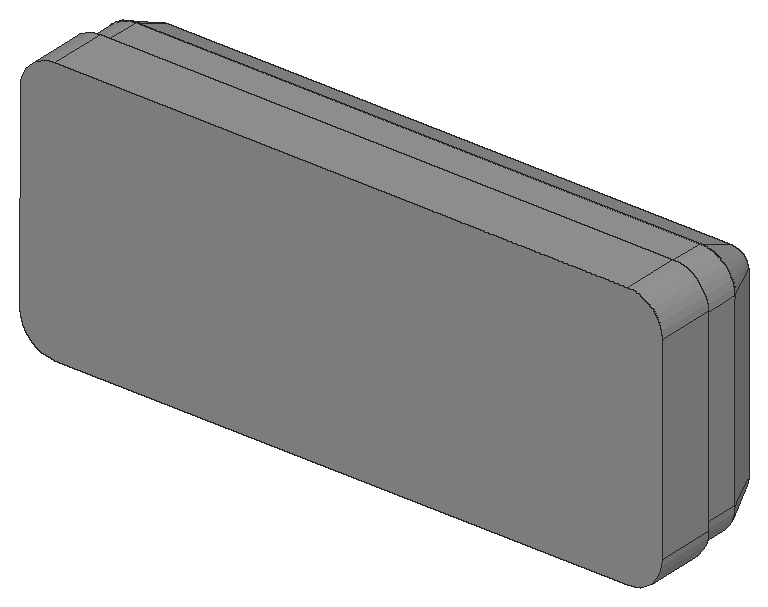
Revit family "IEK_РозеткаСетевая_Встраиваемая_Без ЗК 10А трехместная IP20_ОКТАВА", category Электрические приборы, Revit 2019
Family settings
  Сохранять ориентацию аннотаций = Да
  Размер круглого соединителя = Использовать диаметр
  Тип детали = Нормальный
  На основе рабочей плоскости = Нет
  Всегда вертикально = Да
  При загрузке вырезать с полостями = Нет
  Общий = Нет
  Точка расчета площади = Нет
Parameters (values of type "РС23-2-ОБ")
  Ширина = 147 mm  # constant formula
  Тип монтажа = "Поверхность монтажа (открытая установка)"  # constant formula
  Степень защиты = "IP20"  # constant formula
  Изготовитель = "IEK"  # constant formula
  Дата изменения = ""
  Глубина = 30.8 mm  # constant formula
  Высота = 61 mm  # constant formula
  ΔХ [instance] = 2000 mm
  ΔY [instance] = 2000 mm
  KSI_CPr_Строительные изделия = "20.4.03.04 20.4.03.05 20.4.03.06"  # constant formula
  KSI_CMa_Строительные материалы = "01.7.14.03"  # constant formula
  IEK_Цена за единицу = 271.69
  IEK_Поиск в таблице имен = ""
  IEK_Описание = "Универсальный дизайн серии открытой установки \"ОКТАВА\" позволяет устанавливать изделия в квартирах, загородных домах, офисных и производственных помещениях."
  IEK_URL = "https://www.iek.ru/products/catalog/izdeliya_elektroustanovochnye_udliniteli_i_silovye_razemy/elektroustanovochnye_izdeliya/elektroustanovochnye_izdeliya_otkrytogo_montazha_ip20/elektroustanovochnye_izdeliya_oktava/elektroustanovochnye_izdeliya_oktava_tsvet_belyy/rozetka_3_mestnaya_dlya_otkrytoy_ustanovki_rs23_2_ob_bez_zazemlyayushchego_kontakta_10a_oktava_belyy_iek"
  ADSK_Ток [instance] = 10 A  # constant formula
  ADSK_Примечание = ""
  ADSK_Полная мощность [instance] = ADSK_Номинальная мощность / ADSK_Коэффициент мощности  # 2200 VA
  ADSK_Позиция [instance] = ""
  ADSK_Номинальная мощность [instance] = ADSK_Ток * ADSK_Напряжение * sqrt(ADSK_Количество фаз числовое) * ADSK_Коэффициент мощности  # 2200 W
  ADSK_Напряжение = 220 V
  ADSK_Наименование = "Розетка 3-местная для открытой установки РС23-2-ОБ без заземляющего контакта 10А ОКТАВА белый IEK"
  ADSK_Материал обозначение = ""
  ADSK_Материал наименование = "Пластик"  # constant formula
  ADSK_Материал = Цвет белый
  ADSK_Масса = 0.088
  ADSK_Марка = "ОКТАВА"  # constant formula
  ADSK_Коэффициент мощности [instance] = 1  # constant formula
  ADSK_Количество фаз числовое = 1
  ADSK_Количество фаз = 1
  ADSK_Код изделия = "ERO30-K01-10-DC"
  ADSK_Классификация нагрузок [instance] = Прочее
  ADSK_Завод-изготовитель = "IEK"  # constant formula
  ADSK_Единица измерения = "шт"  # constant formula
  ADSK_Группирование = "III ЭЛЕКТРОУСТАНОВОЧНЫЕ И ЭЛЕКТРОМОНТАЖНЫЕ ИЗДЕЛИЯ"  # constant formula
  ADSK_Версия семейства = "1.0"  # constant formula
  ADSK_Версия Revit = "2019"  # constant formula
  ADSK_URL страницы изделия = "https://www.iek.ru/products/catalog/izdeliya_elektroustanovochnye_udliniteli_i_silovye_razemy/elektroustanovochnye_izdeliya/elektroustanovochnye_izdeliya_otkrytogo_montazha_ip20/elektroustanovochnye_izdeliya_oktava/?pagec=100"
Reference planes
  plane 1 "По центру (Вперед/Назад)": y = 0
  plane 2: z = 0
  plane 3 "По центру (Влево/Вправо)": x = 0
  plane 4 "Высота ножек": z = 280
  plane 5 "Высота": z = 2081.496
  plane 6: x = -2000
  plane 7: y = 2000
Forms (mm)
  Extrusion 1, void
    sketch origin (20.001, 0, 30.5) x (0, 0, -1) y (-1, 0, 0)
      loop
        circle (0, 20) r 19.5
      loop
        circle (0, -22.995) r 19.5
      loop
        circle (0, 62.995) r 19.5
    from 22 to 31
  Extrusion 2, solid, material "Цвет белый" <- "ADSK_Материал", detail levels fine
    sketch origin (0.001, 0, 30.5) x (0, 0, -1) y (-1, 0, 0)
      loop
        line (-30.5, 65.537) -> (-30.5, -65.534)
        arc (-30.5, -65.534) -> (-28.167, -71.167) -> (-22.534, -73.5) r 7.966
        line (-22.534, -73.5) -> (22.505, -73.5)
        arc (22.505, -73.5) -> (28.158, -71.158) -> (30.5, -65.505) r 7.995
        line (30.5, -65.505) -> (30.5, 65.494)
        arc (30.5, 65.494) -> (28.155, 71.155) -> (22.494, 73.5) r 8.006
        line (22.494, 73.5) -> (-22.537, 73.5)
        arc (-22.537, 73.5) -> (-28.168, 71.168) -> (-30.5, 65.537) r 7.963
    from 0 to 13
  Extrusion 3, solid, material "Цвет белый" <- "ADSK_Материал", detail levels fine
    sketch origin (0.001, 0, 30.5) x (0, 0, -1) y (-1, 0, 0)
      loop
        line (-29.5, 64.48) -> (-29.5, -64.519)
        arc (-29.5, -64.519) -> (-27.163, -70.163) -> (-21.519, -72.5) r 7.981
        line (-21.519, -72.5) -> (21.5, -72.5)
        arc (21.5, -72.5) -> (27.157, -70.157) -> (29.5, -64.5) r 8
        line (29.5, -64.5) -> (29.5, 64.48)
        arc (29.5, 64.48) -> (27.151, 70.151) -> (21.48, 72.5) r 8.02
        line (21.48, 72.5) -> (-21.48, 72.5)
        arc (-21.48, 72.5) -> (-27.151, 70.151) -> (-29.5, 64.48) r 8.02
    from 13 to 22
  Blend 4, solid, material "Цвет белый" <- "ADSK_Материал", detail levels fine
    base sketch origin (0.001, 0, 30.5) x (0, 0, -1) y (-1, 0, 0)
      loop
        line (-29.5, 64.5) -> (-29.5, -64.5)
        arc (-29.5, -64.5) -> (-27.157, -70.157) -> (-21.5, -72.5) r 8
        line (-21.5, -72.5) -> (21.5, -72.5)
        arc (21.5, -72.5) -> (27.157, -70.157) -> (29.5, -64.5) r 8
        line (29.5, -64.5) -> (29.5, 64.5)
        arc (29.5, 64.5) -> (27.157, 70.157) -> (21.5, 72.5) r 8
        line (21.5, 72.5) -> (-21.5, 72.5)
        arc (-21.5, 72.5) -> (-27.157, 70.157) -> (-29.5, 64.5) r 8
    top sketch origin (0.001, 0, 30.5) x (0, 0, -1) y (-1, 0, 0)
      loop
        line (-25.303, 64.503) -> (-25.303, -64.531)
        arc (-25.303, -64.531) -> (-24.198, -67.198) -> (-21.531, -68.303) r 3.772
        line (-21.531, -68.303) -> (21.503, -68.303)
        arc (21.503, -68.303) -> (24.19, -67.19) -> (25.303, -64.503) r 3.8
        line (25.303, -64.503) -> (25.303, 64.503)
        arc (25.303, 64.503) -> (24.19, 67.19) -> (21.503, 68.303) r 3.8
        line (21.503, 68.303) -> (-21.503, 68.303)
        arc (-21.503, 68.303) -> (-24.19, 67.19) -> (-25.303, 64.503) r 3.8
    from 22 to 31
  Extrusion 5, void
    sketch origin (0.001, 0, 30.5) x (0, 0, -1) y (-1, 0, 0)
      loop
        arc (-23.303, -64.303) -> (-22.717, -65.717) -> (-21.303, -66.303) r 2
        line (-21.303, -66.303) -> (21.303, -66.303)
        arc (21.303, -66.303) -> (22.717, -65.717) -> (23.303, -64.303) r 2
        line (23.303, -64.303) -> (23.303, 64.303)
        arc (23.303, 64.303) -> (22.717, 65.717) -> (21.303, 66.303) r 2
        line (21.303, 66.303) -> (-21.303, 66.303)
        arc (-21.303, 66.303) -> (-22.717, 65.717) -> (-23.303, 64.303) r 2
        line (-23.303, 64.303) -> (-23.303, -64.303)
      loop
        circle (0, 0) r 20.5
      loop
        circle (0, -43.037) r 20.5
      loop
        circle (0, 43.037) r 20.5
    from 30.5 to 31
  Extrusion 6, void
    sketch origin (19.992, 0, 30.5) x (0, 0, -1) y (-1, 0, 0)
      loop
        circle (-9.525, -23.047) r 2.758
      loop
        circle (9.525, -23.047) r 2.758
      loop
        circle (-9.525, 19.99) r 2.758
      loop
        circle (9.525, 19.99) r 2.758
      loop
        circle (-9.525, 63.027) r 2.758
      loop
        circle (9.525, 63.027) r 2.758
    from 22 to 20.1
  Extrusion 7, solid, detail levels coarse
    sketch origin (0, 0, 0) x (1, 0, 0) y (0, 1, 0)
      loop
        line (-73.499, 0) -> (73.501, 0) -> (73.501, 31) -> (-73.499, 31) -> (-73.499, 0)
    from 0 to 61
  Extrusion 8, solid, detail levels medium
    sketch origin (0, 0, 0) x (1, 0, 0) y (0, 1, 0)
      loop
        line (-73.499, 31) -> (-73.499, 0) -> (73.501, 0) -> (73.501, 31) -> (-73.499, 31)
    from 0 to 61
Cuts and joins
  Extrusion 1, Extrusion 5, Extrusion 6 cuts Blend 4
  Extrusion 6 cuts Extrusion 3
Lines and regions (mm)
  reference lines
    curve 1: line (0, 44.647, 0) -> (0, -55.353, 0)
    curve 2: line (-23.829, 0, 0) -> (76.171, 0, 0)
Dimensions and locks
  locked: plane 4 "Высота ножек" to plane 2 at 280
  plane 5 "Высота" to plane 4 "Высота ножек" = 1801.496 mm
  "ΔХ": plane 6 to curve 1
  "ΔY": plane 7 to curve 2
  aligned and locked: level to plane 2
  aligned and locked: nested 1 to curve 1
  aligned and locked: curve 2 to nested 1
Automatic sketch dimensions
  level to Extrusion 1 sketch curve = 30.5 mm  (x3)
  plane 3 "По центру (Влево/Вправо)" to Extrusion 1 sketch curve = 0.001 mm
  Extrusion 1 sketch curve to Extrusion 1 sketch curve = 42.995 mm
  Extrusion 1 sketch curve to plane 3 "По центру (Влево/Вправо)" = 42.993 mm
  level to Extrusion 2 sketch curve = 61 mm
  Extrusion 2 sketch curve to Extrusion 2 sketch curve = 7.963 mm
  Extrusion 2 sketch curve to Extrusion 2 sketch curve = 7.966 mm
  level to Extrusion 2 sketch curve = 8.006 mm
  level to Extrusion 2 sketch curve = 7.995 mm
  Extrusion 2 sketch curve to Extrusion 2 sketch curve = 8.006 mm
  plane 3 "По центру (Влево/Вправо)" to Extrusion 2 sketch curve = 73.501 mm
  Extrusion 2 sketch curve to plane 3 "По центру (Влево/Вправо)" = 65.492 mm
  level to Extrusion 3 sketch curve = 60 mm
  Extrusion 3 sketch curve to Extrusion 3 sketch curve = 7.981 mm
  Extrusion 3 sketch curve to Extrusion 3 sketch curve = 8.02 mm  (x2)
  level to Extrusion 3 sketch curve = 9.02 mm
  level to Extrusion 3 sketch curve = 9 mm
  plane 3 "По центру (Влево/Вправо)" to Extrusion 3 sketch curve = 72.501 mm
  Extrusion 3 sketch curve to plane 3 "По центру (Влево/Вправо)" = 64.479 mm
  level to Blend 4 sketch curve = 60 mm
  Blend 4 sketch curve to Blend 4 sketch curve = 8 mm  (x3)
  level to Blend 4 sketch curve = 9 mm  (x2)
  plane 3 "По центру (Влево/Вправо)" to Blend 4 sketch curve = 72.501 mm
  Blend 4 sketch curve to plane 3 "По центру (Влево/Вправо)" = 64.499 mm
  level to Blend 4 sketch curve = 55.803 mm
  Blend 4 sketch curve to Blend 4 sketch curve = 3.772 mm
  Blend 4 sketch curve to Blend 4 sketch curve = 3.8 mm  (x2)
  level to Blend 4 sketch curve = 8.997 mm  (x2)
  plane 3 "По центру (Влево/Вправо)" to Blend 4 sketch curve = 68.305 mm
  Blend 4 sketch curve to plane 3 "По центру (Влево/Вправо)" = 64.502 mm
  level to Extrusion 5 sketch curve = 53.803 mm
  Extrusion 5 sketch curve to Extrusion 5 sketch curve = 2 mm  (x3)
  level to Extrusion 5 sketch curve = 30.5 mm  (x3)
  plane 3 "По центру (Влево/Вправо)" to Extrusion 5 sketch curve = 0.001 mm
  level to Extrusion 5 sketch curve = 9.197 mm  (x2)
  Extrusion 5 sketch curve to Extrusion 5 sketch curve = 43.037 mm
  Extrusion 5 sketch curve to Extrusion 5 sketch curve = 21.266 mm  (x2)
  Extrusion 5 sketch curve to plane 3 "По центру (Влево/Вправо)" = 43.036 mm
  level to Extrusion 6 sketch curve = 40.025 mm  (x3)
  plane 3 "По центру (Влево/Вправо)" to Extrusion 6 sketch curve = 0.001 mm  (x2)
  level to Extrusion 6 sketch curve = 20.975 mm  (x3)
  Extrusion 6 sketch curve to Extrusion 6 sketch curve = 43.037 mm
  Extrusion 6 sketch curve to Extrusion 6 sketch curve = 0 mm  (x2)
  Extrusion 6 sketch curve to plane 3 "По центру (Влево/Вправо)" = 43.036 mm
  plane 1 "По центру (Вперед/Назад)" to Extrusion 7 sketch curve = 0 mm
  Extrusion 7 sketch curve to plane 1 "По центру (Вперед/Назад)" = 31 mm
  Extrusion 7 sketch curve to plane 3 "По центру (Влево/Вправо)" = 73.499 mm
  plane 3 "По центру (Влево/Вправо)" to Extrusion 7 sketch curve = 73.501 mm
  plane 1 "По центру (Вперед/Назад)" to Extrusion 8 sketch curve = 0 mm
  Extrusion 8 sketch curve to plane 3 "По центру (Влево/Вправо)" = 73.499 mm
  plane 3 "По центру (Влево/Вправо)" to Extrusion 8 sketch curve = 73.501 mm
  Extrusion 8 sketch curve to Extrusion 8 sketch curve = 31 mm
  curve 2 to plane 3 "По центру (Влево/Вправо)" = 23.829 mm
  plane 3 "По центру (Влево/Вправо)" to curve 2 = 76.171 mm
  plane 1 "По центру (Вперед/Назад)" to curve 1 = 55.353 mm
  curve 1 to plane 1 "По центру (Вперед/Назад)" = 44.647 mm
  radius of Extrusion 1 sketch curve = 19.5 mm  (x3)
  radius of Extrusion 5 sketch curve = 20.5 mm  (x3)
  radius of Extrusion 6 sketch curve = 2.758 mm  (x6)
Nested families
  nested 1: "УГО Розетки" at (0, 0, 0), type "2P-O", detail levels coarse+medium
    with Количество в блоке "3Б", Блок розеток yes, IP44 no
Connectors
  electrical at (0.002, 0, 30.509), driven by "ADSK_Количество фаз", driven by "ADSK_Классификация нагрузок", driven by "ADSK_Напряжение", driven by "ADSK_Полная мощность", driven by "ADSK_Коэффициент мощности"
    settings: on Extrusion 2, index 1, voltage 220 V, apparent load 0 VA, apparent load phase1 2200 VA, apparent load phase2 0 VA, apparent load phase3 0 VA, power factor 1, load classification "Прочее", number of poles 1, system type 31, power factor state 1, is connector primary yes, connector utility no, sub classification motor no, connector description ""
Definition of nested family "УГО Розетки"
  Parameters (values of type "3PE-O")
    Количество в блоке [instance] = ""
    Блок розеток [instance] = no
    IP44 [instance] = no
    3PE-O = yes
    3PE-C = no
    2PE-O = no
    2PE-C = no
    2P-O = no
    2P-C = no
  Types (6, lengths in mm): name | 3PE-O | 3PE-C | 2PE-O | 2PE-C | 2P-O | 2P-C
    2P-O | no | no | no | no | yes | no
    3PE-O | yes | no | no | no | no | no
    2P-C | no | no | no | no | no | yes
    2PE-C | no | no | no | yes | no | no
    2PE-O | no | no | yes | no | no | no
    3PE-C | no | yes | no | no | no | no
  Reference planes
    plane 1: y = 0
    plane 2: x = 0
  Lines and regions (mm)
    Filled region 1, type "Цветовая область 1", visible <- "IP44"
      outline origin (0, 0, 0) x (1, 0, 0) y (0, 1, 0)
        loop
          line (-2.5, 0) -> (2.5, 0)
          arc (2.5, 0) -> (0, 2.5) -> (-2.5, 0) r 2.5
    Filled region 2, type "Цветовая область 1", visible <- "IP44", not visible
      outline origin (0, 0, 0) x (1, 0, 0) y (0, 1, 0)
        loop
          line (-2.5, 4.664) -> (2.5, 4.664)
          arc (2.5, 4.664) -> (0, 7.164) -> (-2.5, 4.664) r 2.5
    detail lines
      curve 1: line (-2.5, 0, 0) -> (2.5, 0, 0)
      curve 3: line (0, 2.5, 0) -> (0, 5, 0)
      curve 4: arc (-2.5, 0, 0) -> (0, 2.5, 0) -> (2.5, 0, 0) r 2.5
    detail lines, visible <- "3PE-C"
      curve 2: line (0, 0, 0) -> (0, 2.5, 0)
      curve 5: line (-2.5, 2.5, 0) -> (2.5, 2.5, 0)
      curve 17: line (0, 2.5, 0) -> (1.768, 4.268, 0)
      curve 18: line (0, 2.5, 0) -> (-1.768, 4.268, 0)
    detail lines, not visible
      curve 6: line (-2.5, 4.664, 0) -> (2.5, 4.664, 0)
      curve 8: line (0, 7.164, 0) -> (0, 9.664, 0)
      curve 9: arc (-2.5, 4.664, 0) -> (0, 7.164, 0) -> (2.5, 4.664, 0) r 2.5
    detail lines, visible <- "3PE-C", not visible
      curve 7: line (0, 4.664, 0) -> (0, 7.164, 0)
      curve 10: line (-2.5, 7.164, 0) -> (2.5, 7.164, 0)
      curve 23: line (0, 7.164, 0) -> (1.768, 8.932, 0)
      curve 24: line (0, 7.164, 0) -> (-1.768, 8.932, 0)
    detail lines, visible <- "3PE-O"
      curve 11: line (-2.5, 2.5, 0) -> (2.5, 2.5, 0)
      curve 19: line (0, 2.5, 0) -> (1.768, 4.268, 0)
      curve 20: line (0, 2.5, 0) -> (-1.768, 4.268, 0)
    detail lines, visible <- "3PE-O", not visible
      curve 12: line (-2.5, 7.164, 0) -> (2.5, 7.164, 0)
      curve 25: line (0, 7.164, 0) -> (1.768, 8.932, 0)
      curve 26: line (0, 7.164, 0) -> (-1.768, 8.932, 0)
    detail lines, visible <- "2PE-C"
      curve 13: line (0, 0, 0) -> (0, 2.5, 0)
      curve 22: line (-2.5, 2.5, 0) -> (2.5, 2.5, 0)
    detail lines, visible <- "2P-C"
      curve 14: line (0, 0, 0) -> (0, 2.5, 0)
    detail lines, visible <- "2PE-C", not visible
      curve 15: line (0, 4.664, 0) -> (0, 7.164, 0)
      curve 28: line (-2.5, 7.164, 0) -> (2.5, 7.164, 0)
    detail lines, visible <- "2P-C", not visible
      curve 16: line (0, 4.664, 0) -> (0, 7.164, 0)
    detail lines, visible <- "2PE-O"
      curve 21: line (-2.5, 2.5, 0) -> (2.5, 2.5, 0)
    detail lines, visible <- "2PE-O", not visible
      curve 27: line (-2.5, 7.164, 0) -> (2.5, 7.164, 0)
    reference lines
      curve 29: line (100, 9.605, 0) -> (100, -3.971, 0)
  Text (mm)
    label "3" at (1.908, 5.573, 0), shows "Количество в блоке", visible <- "Блок розеток"
    label "3" at (1.908, 10.237, 0), shows "Количество в блоке", visible <- "Блок розеток", not visible
  Dimensions and locks
    aligned and locked: Filled region 1 sketch curve to curve 4
    aligned and locked: Filled region 2 sketch curve to curve 9
